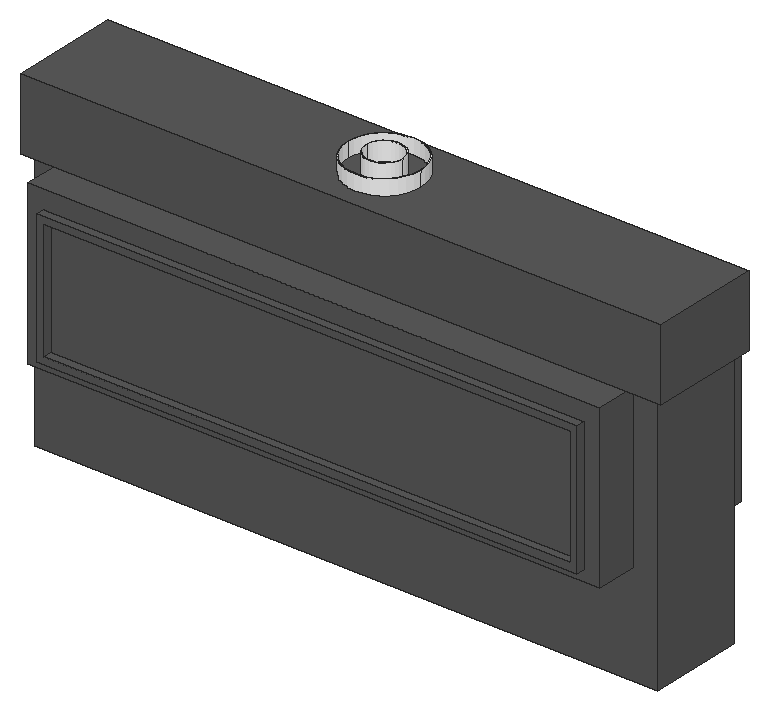
Revit family "R620ST", category Generic Models, Revit 2019
Family settings
  Can host rebar = No
  Round Connector Dimension = Use Diameter
  Part Type = Normal
  Work Plane-Based = No
  Always vertical = Yes
  Cut with Voids When Loaded = No
  Shared = No
  Room Calculation Point = No
Parameters
  Width = 12 5/16"
  URL = "https://www.montigo.com/"
  Model = ""
  Manufacturer Fax = ""
  Manufacturer Website = "https://www.montigo.com/"
  Manufacturer Phone - Toll Free = "800-378-3115"
  Manufacturer Phone = ""
  Manufacturer Address = "27342 Gloucester Way  Langley, BC, Canada   V4W 4A1"
  Manufacturer = "Montigo"
  Length = 53 7/16"
  Keynote = ""
  Glazing Tint = Glass - Montigo - Tint as Specified
  Frame Material = Metal - Montigo - Black
  Firebox Material = Metal - Montigo - White
  Fire Place Length = 50 5/16"
  Fire Place Height = 24 1/2"
  Fire Place - Opening = 16 9/16"
  Description = "Montigo Fireplace as Specified"
  Base Height = 6 9/16"
Reference planes (in)
  plane 1 "Center (Front/Back)": y = 0
  plane 2: z = 0
  plane 3 "Center (Left/Right)": x = 0
Forms (in)
  Extrusion 1, solid, material "Metal - Montigo - Black" <- "Frame Material"
    sketch origin (0, 0, 0) x (1, 0, 0) y (0, 1, 0)
      loop
        line (-42.21898, 6.4375) -> (-42.21898, -6.4375) -> (42.21852, -6.4375) -> (42.21852, 6.4375) -> (-42.21898, 6.4375)
    from 0 to 35.532
  Extrusion 2, solid, material "Metal - Montigo - Black" <- "Frame Material"
    sketch origin (0, 0, 0) x (1, 0, 0) y (0, 1, 0)
      loop
        line (-43.34398, 7.4375) -> (-43.34398, -7.4375) -> (43.34352, -7.4375) -> (43.34352, 7.4375) -> (-43.34398, 7.4375)
    from 45.214 to 35.532
  Extrusion 3, solid, material "Metal - Montigo - Black" <- "Frame Material"
    sketch origin (42.25, -6.4375, 0) x (-1, 0, 0) y (0, 0, -1)
      loop
        line (80.99498, -13.624) -> (3.50548, -13.624) -> (3.50548, -35.532) -> (80.99498, -35.532) -> (80.99498, -13.624)
    from 0 to 5.4345
  Extrusion 4, solid, material "Metal - Montigo - Black" <- "Frame Material"
    sketch origin (42.25, -6.4375, 0) x (-1, 0, 0) y (0, 0, -1)
      loop
        line (78.81223, -15.11) -> (5.68723, -15.11) -> (5.68723, -33.054) -> (78.81223, -33.054) -> (78.81223, -15.11)
      loop
        line (77.92977, -32.139) -> (77.92977, -16.11) -> (6.57023, -16.11) -> (6.57023, -32.139) -> (77.92977, -32.139)
    from 6.64935 to 5.4345
  Extrusion 5, solid, material "Metal - Montigo - Black" <- "Frame Material"
    sketch origin (42.25, 6.4375, 0) x (-1, 0, 0) y (0, 0, 1)
      loop
        line (80.99498, 13.624) -> (80.99498, 35.532) -> (3.50548, 35.532) -> (3.50548, 13.624) -> (80.99498, 13.624)
    from 0 to 5.4345
  Extrusion 6, solid, material "Metal - Montigo - Black" <- "Frame Material"
    sketch origin (42.25, 6.4375, 0) x (-1, 0, 0) y (0, 0, 1)
      loop
        line (78.81223, 15.11) -> (78.81223, 33.054) -> (5.68723, 33.054) -> (5.68723, 15.11) -> (78.81223, 15.11)
      loop
        line (77.92977, 32.139) -> (6.57023, 32.139) -> (6.57023, 16.11) -> (77.92977, 16.11) -> (77.92977, 32.139)
    from 6.64935 to 5.4345
Dimensions and locks (in)
  Extrusion 2 to Extrusion 1 = 45.214"
  Extrusion 2 to Extrusion 2 to level = 9.682", 35.532"
  Extrusion 2 to Extrusion 4 to Extrusion 4 to level = 12.16", 17.944", 15.11"
  Extrusion 4 to Extrusion 4 = 73 1/8"
  Extrusion 4 to plane 3 "Center (Left/Right)" to Extrusion 4 = 36.56277", 36.56223"
  Extrusion 2 to Extrusion 2 = 86 11/16"  (x2)
  Extrusion 2 to Extrusion 2 = 14 7/8"
  locked: Extrusion 2 to Extrusion 1 at 1.125  (x2)
  locked: Extrusion 1 to Extrusion 3 at 3.474  (x2)
  Extrusion 3 to Extrusion 3 = 77.4895"
  Extrusion 5 to Extrusion 5 = 77.4895"
  aligned and locked: level to plane 2
Nested families (in)
  nested 1: "Duct Dia" at (0, 0, 45.214) x (-1, 0, 0) z (0, 0, 1), type "5""
    with Intake Duct Dia 5", Intake Diameter 4 7/8", Height 2 1/2"
  nested 2: "Duct Dia" at (0, 0, 45.214) x (-1, 0, 0) z (0, 0, 1), type "10""
    with Intake Duct Dia 10", Intake Diameter 9 7/8", Height 2"
Connectors (in)
  hvac at (0, 0, 47.714)
    settings: on nested 1, index 2, duct flow 0.0 L/s, flow factor 0, pres drop 0.0 Pa, loss coef 0, conn angle 0.00°, conn width 304.8 mm, conn height 304.8 mm, conn diameter 127 mm, duct sys type 3, conn prof type 0, flow config 0, flow direction 0, loss method 0, conn ref index -1, conn util no, is conn primary yes, conn desc ""
  hvac at (0, 0, 47.214)
    settings: on nested 2, index 3, duct flow 0.0 L/s, flow factor 0, pres drop 0.0 Pa, loss coef 0, conn angle 0.00°, conn width 304.8 mm, conn height 304.8 mm, conn diameter 254 mm, duct sys type 3, conn prof type 0, flow config 0, flow direction 0, loss method 0, conn ref index -1, conn util no, is conn primary no, conn desc ""
Definition of nested family "Duct Dia"
  Parameters (values of type "15 7/8" Dia.")
    Intake Duct Dia = 15 7/8"
    Intake Diameter = Intake Duct Dia - 1/8"  # 15 3/4"
    Height = 4"
    Firebox Material = none
    Default Elevation = 48"
  Types (12): name | Intake Duct Dia | Intake Diameter | Height
    9 7/8" Dia. | 9 7/8" | 9 3/4" | 4"
    7 7/8" Dia | 7 7/8" | 7 3/4" | 4"
    8 1/8" Dia | 8 1/8" | 8" | 1/4"
    11 3/4" Dia | 11 3/4" | 11 5/8" | 4"
    4" Dia | 10" | 9 7/8" | 4"
    7 3/4" Dia | 7 3/4" | 7 5/8" | 4"
    6 7/8" Dia | 6 7/8" | 6 3/4" | 1/4"
    9 3/4" Dia. | 9 3/4" | 9 5/8" | 4"
    7 1/8" Dia | 7 1/8" | 7" | 1/4"
    11 7/8" Dia. | 11 7/8" | 11 3/4" | 4"
    13 7/8" Dia. | 13 7/8" | 13 3/4" | 4"
    15 7/8" Dia. | 15 7/8" | 15 3/4" | 4"
  Reference planes (in)
    plane 1 "Center (Front/Back)": y = 0
    plane 2: z = 0
    plane 3 "Center (Left/Right)": x = 0
    plane 4: z = 4
  Forms (in)
    Extrusion 1, solid
      sketch origin (0, 0, 0) x (1, 0, 0) y (0, 1, 0)
        loop
          line (-48, 48) -> (-48, -48) -> (48, -48) -> (48, 48) -> (-48, 48)
      from 0 to -12
    Extrusion 2, solid, material <- "Firebox Material"
      sketch origin (0, 0, 0) x (1, 0, 0) y (0, 1, 0)
        loop
          circle (0, 0) r 7.9375
        loop
          circle (0, 0) r 7.875
      from 0 to 4
  Dimensions and locks (in)
    "Height": plane 4 to level
    "Intake Duct Dia": diameter of Extrusion 2 sketch curve
    "Intake Diameter": diameter of Extrusion 2 sketch curve
    aligned and locked: plane 2 to Extrusion 1
    aligned and locked: level to Extrusion 1
    aligned and locked: plane 4 to Extrusion 2
  Automatic sketch dimensions
    Extrusion 1 sketch curve to Extrusion 1 sketch curve = 96"  (x2)
    Extrusion 2 sketch curve to Extrusion 2 sketch curve = 0"  (x2)
    plane 1 "Center (Front/Back)" to Extrusion 2 sketch curve = 0"
    Extrusion 2 sketch curve to plane 3 "Center (Left/Right)" = 0"
